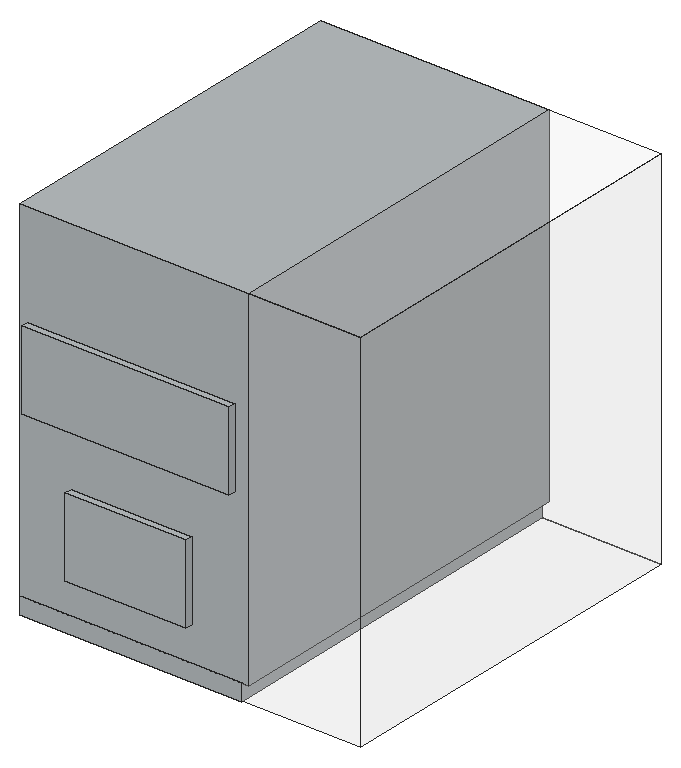
Revit family "lp-500x4-60_60Hz", category 機械設備, Revit 2019
Family settings
  丸型コネクタ寸法 = 直径を使用
  パーツ タイプ = 標準
  OmniClass 番号 = 23.75.10.34.21
  OmniClass タイトル = Heat Exchangers for Ventilation Air
  作業面ベース = いいえ
  常に垂直 = はい
  ロード時にボイドで切り取り = いいえ
  共有 = いいえ
  部屋計算ポイント = はい
Parameters (values of type "LP-500X4-60")
  騒音レベル(dB(A)) = 57.5
  風量 = 5000.0 m³/h
  面風速 = 5.17 m/s
  電源種別 [instance] = ""
  電圧 = 200 V
  電動機出力 = 3.7 W
  集中コントローラ = ""
  運転質量 = 0.00 kg
  連動 [instance] = ""
  質量 = if(製品質量 > 運転質量, 製品質量, 運転質量) * 1.2  # 786.00 kg
  負荷分類 = 3_ファン類
  説明 = "設備用ロスナイ ビル用ロスナイパック形"
  設計風量 = 0.0 m³/h
  設置方法 = "床置形"
  記号 [instance] = ""
  製造元 = "三菱電機株式会社"
  製品質量 = 655.00 kg
  製品出荷対象 = "国内"
  製品リリース年月 = "2018/7/25"
  製品グループ = ""
  系統 [instance] = ""
  符号 = "HEU"
  積算_科目 = "1 空気調和設備"
  積算_拾い区分 [instance] = ""
  相 = 3
  盤記号 [instance] = ""
  発停方法 [instance] = ""
  特殊仕様 [instance] = ""
  火災停止 [instance] = ""
  温度交換効率 = 77.00%
  消費電力 = 5600 W
  法定耐用年数 = "15"
  機外静圧_排気 = 380.0 Pa
  機外静圧 = 380.0 Pa
  極数 = 3
  材質 [instance] = ""
  本体固定用穴ピッチ2 = 565 mm
  本体固定用穴ピッチ1 = 1930 mm
  本体固定用穴_径 = 20 mm
  本体マテリアル = 溶融亜鉛めっき鋼板
  操作・制御方式 = ""
  操作・制御スイッチ = ""
  排気量 = 0.0 m³/h
  形式 = "床置形"
  幹線記号 [instance] = ""
  対象室 [instance] = ""
  実風量 = 0.0 m³/h
  始動方式 [instance] = "直入"
  外気量 = 0.0 m³/h
  呼称 = "全熱交換ユニット"
  周波数 = 60 Hz
  参照している仕様書等のバージョン = "公共建築工事標準仕様書（機械設備工事編）平成31年度版"
  初期抵抗 = 0.0 Pa
  分類コード = "50052504100050"
  分類グループ = ""
  価格 = 6217000
  企業コード = "108420"
  付属品_フィルター_還気 = ""
  付属品_フィルター = ""
  付属品 [instance] = ""
  仕様書バージョン = "Version1.0"
  モデル = "LP-500X4-60"
  メンテナンススペース = yes
  コメント [instance] = ""
  Keynote = ""
  エンタルピ交換効率_暖房 = 66.00%
  エンタルピ交換効率_冷房 = 60.00%
  Assembly Code = ""
  Width = 1218 mm
  W1 = 1180 mm
  Version = ""
  Uniclass2015Version = "Systems v1.9"
  Uniclass2015Title = "Thermal wheels"
  Uniclass2015Code = "Pr_60_60_36_88"
  URL = "https://www.mitsubishielectric.co.jp/ldg/wink/ssl/displayProduct.do?pid=294065"
  SpecificationReference = ""
  SpecificationDescription = ""
  SAサイズ_W = 640 mm
  SAサイズ_D = 420 mm
  Revision = ""
  RAダクト接続_通常 = yes
  RAダクト接続_変更2 = no
  RAダクト接続_変更1 = no
  RAサイズ_W = 1100 mm
  RAサイズ_D = 420 mm
  ProductInformation = ""
  OmniClassCode = "23-27 23 19 11"
  OAダクト接続_通常 = yes
  OAダクト接続_変更2 = no
  OAダクト接続_変更1 = no
  OAサイズ_W = 1100 mm
  OAサイズ_D = 420 mm
  MIN風量 = 0.0 m³/h
  MIN静圧 = 0.0 Pa
  MID風量 = 0.0 m³/h
  MID静圧 = 0.0 Pa
  MAX風量 = 5000.0 m³/h
  MAX静圧 = 380.0 Pa
  IfcTypeProduct = ""
  IfcProduct = ""
  IfcExportType = "ROTARYWHEEL"
  IfcExportAs = "IfcAirToAirHeatRecoveryType"
  Height = 1870 mm
  H1 = 90 mm
  EAサイズ_W = 640 mm
  EAサイズ_D = 420 mm
  Duct_SA_W = 273 mm
  Duct_SA_H = 274 mm
  Duct_RA_W = 43 mm
  Duct_RA_H = 296 mm
  Duct_RA_D = 49 mm
  Duct_Pitch1 = 80 mm
  Duct_OA_W = 43 mm
  Duct_OA_H = 296 mm
  Duct_OA_D = 49 mm
  Duct_Height = 41 mm
  Duct_EA_W = 273 mm
  Duct_EA_H = 274 mm
  Depth = 2000 mm
  D1 = 2000 mm
  Clearance Top = 0 mm
  Clearance Right = 600 mm
  Clearance Left = 0 mm
  Clearance Front = 0 mm
  Clearance Bottom = 0 mm
  Clearance Back = 0 mm
  Author = "三菱電機株式会社"
Reference planes
  plane 1 "中心(正面/背面)": y = 0
  plane 2: z = 0
  plane 3 "中心(左/右)": x = 0
  plane 4: x = 590
  plane 5: x = 628
  plane 6: y = 1000
  plane 7: y = 1000
  plane 8: y = -1000
  plane 9: y = -1000
  plane 10: x = -590
  plane 11: x = -590
  plane 12: y = 741
  plane 13: y = -741
  plane 14: y = -531
  plane 15: y = -951
  plane 16: y = 951
  plane 17: y = 531
  plane 18: x = -547
  plane 19: x = 553
  plane 20: z = 90
  plane 21: z = 1960
  plane 22: z = 2001
  plane 23: y = 565
  plane 24: y = -565
  plane 25: x = -965
  plane 26: x = 965
  plane 27: x = 1228
  plane 28: x = -590
  plane 29: y = 1000
  plane 30: y = -1000
  plane 31: z = 1960
  plane 32: z = 0
  plane 33: x = -317
  plane 34: x = 323
  plane 35: z = 274
  plane 36: z = 694
  plane 37: z = 990
  plane 38: z = 1410
  plane 39: x = -547
  plane 40: x = 553
  plane 41: y = -1041
  plane 42: y = 1041
  plane 43: x = -317
  plane 44: x = 323
  plane 45: z = 274
  plane 46: z = 694
  plane 47: z = 990
  plane 48: z = 1410
  plane 49: z = 1490
  plane 50: z = 1910
  plane 51: z = 1910
  plane 52: z = 1490
Forms (mm)
  Extrusion 1, solid, material "溶融亜鉛めっき鋼板" <- "本体マテリアル", detail levels fine
    sketch origin (0, 0, 0) x (1, 0, 0) y (0, 1, 0)
      loop
        line (-590, 1000) -> (-590, -1000) -> (628, -1000) -> (628, 1000) -> (-590, 1000)
    from 90 to 1960
  Extrusion 2, solid, material "溶融亜鉛めっき鋼板" <- "本体マテリアル", detail levels fine
    sketch origin (0, 0, 0) x (1, 0, 0) y (0, 1, 0)
      loop
        line (-590, 1000) -> (-590, -1000) -> (590, -1000) -> (590, 1000) -> (-590, 1000)
    from 0 to 90
  Extrusion 3, solid, material "溶融亜鉛めっき鋼板" <- "本体マテリアル", visible <- "RAダクト接続_変更1", detail levels fine
    sketch origin (0, 0, 0) x (1, 0, 0) y (0, 1, 0)
      loop
        line (-547, -951) -> (553, -951) -> (553, -531) -> (-547, -531) -> (-547, -951)
    from 1960 to 2001
  Extrusion 4, solid, material "溶融亜鉛めっき鋼板" <- "本体マテリアル", visible <- "OAダクト接続_変更1", detail levels fine
    sketch origin (0, 0, 0) x (1, 0, 0) y (0, 1, 0)
      loop
        line (-547, 951) -> (-547, 531) -> (553, 531) -> (553, 951) -> (-547, 951)
    from 1960 to 2001
  Extrusion 5, solid, material "溶融亜鉛めっき鋼板" <- "本体マテリアル", detail levels fine
    sketch origin (0, 0, 0) x (1, 0, 0) y (0, 0, 1)
      loop
        line (-317, 274) -> (323, 274) -> (323, 694) -> (-317, 694) -> (-317, 274)
    from 1000 to 1041
  Extrusion 6, solid, material "溶融亜鉛めっき鋼板" <- "本体マテリアル", detail levels fine
    sketch origin (0, 0, 0) x (1, 0, 0) y (0, 0, 1)
      loop
        line (323, 694) -> (-317, 694) -> (-317, 274) -> (323, 274) -> (323, 694)
    from -1041 to -1000
  Extrusion 7, solid, material "溶融亜鉛めっき鋼板" <- "本体マテリアル", visible <- "OAダクト接続_通常", detail levels fine
    sketch origin (0, -420, 0) x (1, 0, 0) y (0, 0, 1)
      loop
        line (-547, 990) -> (553, 990) -> (553, 1410) -> (-547, 1410) -> (-547, 990)
    from -1461 to -1420
  Extrusion 8, solid, material "溶融亜鉛めっき鋼板" <- "本体マテリアル", visible <- "RAダクト接続_通常", detail levels fine
    sketch origin (0, 240, 0) x (1, 0, 0) y (0, 0, 1)
      loop
        line (-547, 1410) -> (-547, 990) -> (553, 990) -> (553, 1410) -> (-547, 1410)
    from 1240 to 1281
  Extrusion 9, solid, material "溶融亜鉛めっき鋼板" <- "本体マテリアル", visible <- "OAダクト接続_変更2", detail levels fine
    sketch origin (0, 0, 0) x (1, 0, 0) y (0, 0, 1)
      loop
        line (553, 1490) -> (553, 1910) -> (-547, 1910) -> (-547, 1490) -> (553, 1490)
    from -1041 to -1000
  Extrusion 10, solid, material "溶融亜鉛めっき鋼板" <- "本体マテリアル", visible <- "RAダクト接続_変更2", detail levels fine
    sketch origin (0, 0, 0) x (1, 0, 0) y (0, 0, 1)
      loop
        line (553, 1490) -> (553, 1910) -> (-547, 1910) -> (-547, 1490) -> (553, 1490)
    from 1000 to 1041
Lines and regions (mm)
  Masking region 1, detail levels coarse+medium
    outline origin (1331.5, 88, 0) x (1, 0, 0) y (0, 1, 0)
      loop
        line (-1921.5, 912) -> (-1921.5, -1088) -> (-741.5, -1088) -> (-741.5, 912) -> (-1921.5, 912)
  symbolic lines, detail levels coarse+medium
    curve 1: line (0, 1000, 0) -> (-590, 0, 0)
    curve 2: line (-590, 0, 0) -> (0, -1000, 0)
    curve 3: line (0, -1000, 0) -> (590, 0, 0)
    curve 4: line (0, 1000, 0) -> (590, 0, 0)
Dimensions and locks
  equal spacing: plane 10, plane 3 "中心(左/右)", plane 4
  "W1": plane 10 to plane 4
  "Width": plane 11 to plane 5
  equal spacing: plane 7, plane 1 "中心(正面/背面)", plane 9
  "D1": plane 7 to plane 9
  equal spacing: plane 6, plane 1 "中心(正面/背面)", plane 8
  "Depth": plane 6 to plane 8
  equal spacing: plane 15, plane 13, plane 14
  "RAサイズ_D": plane 15 to plane 14
  equal spacing: plane 17, plane 12, plane 16
  "OAサイズ_D": plane 17 to plane 16
  "RAサイズ_W": plane 18 to plane 19
  locked: plane 11 to plane 10 at 0
  "H1": plane 20 to level
  "Height": plane 21 to plane 20
  "Duct_Height": plane 22 to plane 21
  "本体固定用穴ピッチ2": plane 1 "中心(正面/背面)" to plane 23
  "本体固定用穴ピッチ2": plane 24 to plane 1 "中心(正面/背面)"
  equal spacing: plane 25, plane 3 "中心(左/右)", plane 26
  "本体固定用穴ピッチ1": plane 25 to plane 26
  "Clearance Right": plane 5 to plane 27
  "Clearance Left": plane 28 to plane 11
  "Clearance Back": plane 29 to plane 6
  "Clearance Front": plane 8 to plane 30
  "Clearance Top": plane 31 to plane 21
  "Clearance Bottom": level to plane 32
  "Duct_RA_D": plane 8 to plane 15
  "Duct_OA_D": plane 6 to plane 16
  "Duct_SA_H": plane 35 to level
  "SAサイズ_D": plane 36 to plane 35
  "Duct_RA_H": plane 37 to plane 36
  "RAサイズ_D": plane 38 to plane 37
  "OAサイズ_W": plane 39 to plane 40
  "Duct_OA_W": plane 11 to plane 39
  "Duct_RA_W": plane 11 to plane 18
  "Duct_Height": plane 8 to plane 41
  "SAサイズ_W": plane 34 to plane 33
  "Duct_Height": plane 42 to plane 6
  "Duct_SA_W": plane 33 to plane 11
  "EAサイズ_D": plane 46 to plane 45
  "Duct_EA_H": plane 45 to level
  "Duct_EA_W": plane 43 to plane 11
  "EAサイズ_W": plane 44 to plane 43
  "OAサイズ_D": plane 48 to plane 47
  "Duct_OA_H": plane 47 to plane 46
  "Duct_Pitch1": plane 49 to plane 38
  "RAサイズ_D": plane 50 to plane 49
  "Duct_Pitch1": plane 52 to plane 48
  "OAサイズ_D": plane 51 to plane 52
  aligned and locked: level to plane 2
  aligned and locked: Extrusion 1 sketch curve to plane 6
  aligned and locked: plane 10 to Extrusion 1 sketch curve
  aligned and locked: Extrusion 1 sketch curve to plane 8
  aligned and locked: Extrusion 2 sketch curve to plane 7
  aligned and locked: plane 11 to Extrusion 2 sketch curve
  aligned and locked: Extrusion 2 sketch curve to plane 9
  aligned and locked: plane 15 to Extrusion 3 sketch curve
  aligned and locked: Extrusion 3 sketch curve to plane 18
  aligned and locked: plane 14 to Extrusion 3 sketch curve
  aligned and locked: Extrusion 3 sketch curve to plane 19
  aligned and locked: plane 9 to Masking region 1
  aligned and locked: Masking region 1 to plane 11
  aligned and locked: plane 7 to Masking region 1
  aligned and locked: Masking region 1 to curve 1
  aligned and locked: Masking region 1 to curve 2
  aligned and locked: plane 20 to Extrusion 2
  aligned and locked: plane 21 to Extrusion 1
  aligned and locked: Extrusion 1 to plane 20
  aligned and locked: plane 22 to Extrusion 3
  aligned and locked: Extrusion 3 to plane 21
  aligned and locked: plane 27 to nested 1
  aligned and locked: nested 1 to plane 30
  aligned and locked: nested 1 to plane 29
  aligned and locked: nested 1 to plane 31
  aligned and locked: nested 1 to plane 32
  aligned and locked: plane 9 to curve 2
  aligned and locked: plane 3 "中心(左/右)" to curve 3
  aligned and locked: plane 4 to curve 3
  aligned and locked: plane 3 "中心(左/右)" to curve 4
  aligned and locked: plane 1 "中心(正面/背面)" to curve 4
  aligned and locked: nested 2 to plane 24
  aligned and locked: plane 25 to nested 2
  aligned and locked: nested 2 to plane 26
  aligned and locked: plane 25 to nested 3
  aligned and locked: nested 3 to plane 26
  aligned and locked: plane 1 "中心(正面/背面)" to nested 3
  aligned and locked: plane 25 to nested 4
  aligned and locked: nested 4 to plane 26
  aligned and locked: nested 4 to plane 23
  aligned and locked: nested 1 to plane 28
  aligned and locked: Masking region 1 to plane 4
  aligned and locked: plane 4 to Extrusion 2 sketch curve
  aligned and locked: plane 5 to Extrusion 1 sketch curve
  aligned and locked: Extrusion 4 sketch curve to plane 16
  aligned and locked: plane 18 to Extrusion 4 sketch curve
  aligned and locked: Extrusion 4 sketch curve to plane 17
  aligned and locked: plane 22 to Extrusion 4
  aligned and locked: Extrusion 4 to plane 21
  aligned and locked: Extrusion 5 sketch curve to plane 35
  aligned and locked: Extrusion 5 sketch curve to plane 33
  aligned and locked: plane 36 to Extrusion 5 sketch curve
  aligned and locked: Extrusion 5 sketch curve to plane 34
  aligned and locked: Extrusion 5 to plane 41
  aligned and locked: Extrusion 5 to plane 8
  aligned and locked: Extrusion 6 to plane 42
  aligned and locked: Extrusion 6 to plane 6
  aligned and locked: Extrusion 7 to plane 42
  aligned and locked: Extrusion 7 to plane 6
  aligned and locked: Extrusion 8 sketch curve to plane 38
  aligned and locked: plane 18 to Extrusion 8 sketch curve
  aligned and locked: Extrusion 8 sketch curve to plane 37
  aligned and locked: plane 19 to Extrusion 8 sketch curve
  aligned and locked: Extrusion 8 to plane 41
  aligned and locked: Extrusion 8 to plane 8
  aligned and locked: plane 46 to Extrusion 6 sketch curve
  aligned and locked: plane 44 to Extrusion 6 sketch curve
  aligned and locked: Extrusion 6 sketch curve to plane 45
  aligned and locked: Extrusion 6 sketch curve to plane 43
  aligned and locked: Extrusion 7 sketch curve to plane 47
  aligned and locked: Extrusion 7 sketch curve to plane 18
  aligned and locked: plane 48 to Extrusion 7 sketch curve
  aligned and locked: plane 40 to Extrusion 4 sketch curve
  aligned and locked: Extrusion 7 sketch curve to plane 40
  aligned and locked: plane 52 to Extrusion 9 sketch curve
  aligned and locked: plane 40 to Extrusion 9 sketch curve
  aligned and locked: Extrusion 9 sketch curve to plane 51
  aligned and locked: Extrusion 9 to plane 42
  aligned and locked: Extrusion 9 to plane 6
  aligned and locked: Extrusion 10 sketch curve to plane 49
  aligned and locked: plane 19 to Extrusion 10 sketch curve
  aligned and locked: Extrusion 10 sketch curve to plane 50
  aligned and locked: plane 18 to Extrusion 10 sketch curve
  aligned and locked: plane 39 to Extrusion 9 sketch curve
  aligned and locked: Extrusion 10 to plane 41
  aligned and locked: Extrusion 10 to plane 8
Automatic sketch dimensions
  plane 1 "中心(正面/背面)" to curve 1 = 0 mm
  curve 1 to plane 10 = 0 mm
  curve 4 to plane 7 = 0 mm
  plane 9 to Masking region 1 sketch curve = 0 mm
  Masking region 1 sketch curve to plane 10 = 0 mm
  Masking region 1 sketch curve to plane 4 = 0 mm
  Masking region 1 sketch curve to plane 7 = 0 mm
Nested families
  nested 1: "メンテナンススペース" at (319, 0, 980), visible <- "メンテナンススペース", type "メンテナンススペース"
    with Width 1818 mm, Height 1960 mm, Depth 2000 mm
  nested 2: "固定点" at (-965, -565, 0), type "固定点"
    with W 1930 mm, D 1000 mm
  nested 3: "固定点" at (-965, 0, 0), type "固定点"
    with W 1930 mm, D 1000 mm
  nested 4: "固定点" at (-965, 565, 0), type "固定点"
    with W 1930 mm, D 1000 mm
Connectors
  electrical at (628, 0, 1025), driven by "極数", driven by "負荷分類", driven by "電圧", driven by "消費電力"
    settings: on Extrusion 1, index 5, voltage 200 V, apparent load 5600 VA, apparent load phase1 0 VA, apparent load phase2 0 VA, apparent load phase3 0 VA, power factor 1, load classification "3_ファン類", number of poles 3, system type 30, power factor state 1, is connector primary yes, connector utility no, sub classification motor no, connector description ""
  hvac at (3, -1041, 484), driven by "SAサイズ_D", driven by "SAサイズ_W", driven by "機外静圧", driven by "風量"
    settings: on Extrusion 5, index 6, duct flow 5000.0 m³/h, flow factor 0, pres drop 380.0 Pa, loss coef 0, conn angle 0.00°, conn width 640 mm, conn height 420 mm, conn diameter 609.6 mm, duct sys type 1, conn prof type 1, flow config 0, flow direction 2, loss method 4, conn ref index -1, conn util no, is conn primary yes, conn desc ""
  hvac at (3, -1041, 1200), driven by "RAサイズ_D", driven by "RAサイズ_W", driven by "機外静圧", driven by "風量"
    settings: on Extrusion 8, index 8, duct flow 5000.0 m³/h, flow factor 0, pres drop 380.0 Pa, loss coef 0, conn angle 0.00°, conn width 1100 mm, conn height 420 mm, conn diameter 609.6 mm, duct sys type 2, conn prof type 1, flow config 0, flow direction 1, loss method 4, conn ref index -1, conn util no, is conn primary no, conn desc ""
  hvac at (3, -741, 2001), driven by "RAサイズ_D", driven by "RAサイズ_W"
    settings: on Extrusion 3, index 9, duct flow 0.0 m³/h, flow factor 0, pres drop 0.0 Pa, loss coef 0, conn angle 0.00°, conn width 1100 mm, conn height 420 mm, conn diameter 609.6 mm, duct sys type 2, conn prof type 1, flow config 0, flow direction 1, loss method 4, conn ref index -1, conn util no, is conn primary no, conn desc ""
  hvac at (3, 741, 2001), driven by "OAサイズ_D", driven by "OAサイズ_W", driven by "機外静圧", driven by "風量"
    settings: on Extrusion 4, index 10, duct flow 5000.0 m³/h, flow factor 0, pres drop 380.0 Pa, loss coef 0, conn angle 0.00°, conn width 1100 mm, conn height 420 mm, conn diameter 609.6 mm, duct sys type 4, conn prof type 1, flow config 0, flow direction 1, loss method 4, conn ref index -1, conn util no, is conn primary no, conn desc ""
  hvac at (3, 1041, 1200), driven by "OAサイズ_D", driven by "OAサイズ_W", driven by "機外静圧", driven by "風量"
    settings: on Extrusion 7, index 11, duct flow 5000.0 m³/h, flow factor 0, pres drop 380.0 Pa, loss coef 0, conn angle 0.00°, conn width 1100 mm, conn height 420 mm, conn diameter 609.6 mm, duct sys type 4, conn prof type 1, flow config 0, flow direction 1, loss method 4, conn ref index -1, conn util no, is conn primary no, conn desc ""
  hvac at (3, 1041, 484), driven by "EAサイズ_D", driven by "EAサイズ_W", driven by "機外静圧_排気", driven by "排気量"
    settings: on Extrusion 6, index 12, duct flow 0.0 m³/h, flow factor 0, pres drop 380.0 Pa, loss coef 0, conn angle 0.00°, conn width 640 mm, conn height 420 mm, conn diameter 609.6 mm, duct sys type 3, conn prof type 1, flow config 0, flow direction 2, loss method 4, conn ref index -1, conn util no, is conn primary no, conn desc ""
  hvac at (3, -1041, 1700), driven by "RAサイズ_D", driven by "RAサイズ_W", driven by "機外静圧", driven by "風量"
    settings: on Extrusion 10, index 13, duct flow 5000.0 m³/h, flow factor 0, pres drop 380.0 Pa, loss coef 0, conn angle 0.00°, conn width 1100 mm, conn height 420 mm, conn diameter 609.6 mm, duct sys type 2, conn prof type 1, flow config 0, flow direction 1, loss method 4, conn ref index -1, conn util no, is conn primary no, conn desc ""
  hvac at (3, 1041, 1700), driven by "OAサイズ_D", driven by "OAサイズ_W", driven by "機外静圧", driven by "風量"
    settings: on Extrusion 9, index 14, duct flow 5000.0 m³/h, flow factor 0, pres drop 380.0 Pa, loss coef 0, conn angle 0.00°, conn width 1100 mm, conn height 420 mm, conn diameter 609.6 mm, duct sys type 4, conn prof type 1, flow config 0, flow direction 1, loss method 4, conn ref index -1, conn util no, is conn primary no, conn desc ""
Definition of nested family "メンテナンススペース"
  Parameters (values of type "メンテナンススペース")
    Width [instance] = 500 mm
    Height [instance] = 500 mm
    Depth [instance] = 500 mm
  Reference planes
    plane 1 "中心(正面/背面)": y = 0
    plane 2: z = 0
    plane 3 "中心(左/右)": x = 0
    plane 4: y = -250
    plane 5: x = 250
    plane 6: y = 250
    plane 7: x = -250
    plane 8: z = 250
    plane 9: z = -250
  Forms (mm)
    Extrusion 1, solid
      sketch origin (-638.939, 0, 72.39) x (1, 0, 0) y (0, 1, 0)
        loop
          line (388.939, 250) -> (388.939, -250) -> (888.939, -250) -> (888.939, 250) -> (388.939, 250)
      from -322.39 to 177.61
  Lines and regions (mm)
    symbolic lines
      curve 1: line (-250, 0, 250) -> (250, 0, 250)
      curve 2: line (-250, 0, -250) -> (-250, 0, 250)
      curve 3: line (250, 0, -250) -> (-250, 0, -250)
      curve 4: line (250, 0, 250) -> (250, 0, -250)
      curve 5: line (0, -250, 250) -> (0, 250, 250)
      curve 6: line (0, -250, -250) -> (0, -250, 250)
      curve 7: line (0, 250, -250) -> (0, -250, -250)
      curve 8: line (0, 250, 250) -> (0, 250, -250)
      curve 9: line (-250, 250, 0) -> (250, 250, 0)
      curve 10: line (-250, -250, 0) -> (-250, 250, 0)
      curve 11: line (250, -250, 0) -> (-250, -250, 0)
      curve 12: line (250, 250, 0) -> (250, -250, 0)
  Dimensions and locks
    equal spacing: plane 7, plane 3 "中心(左/右)", plane 5
    equal spacing: plane 4, plane 1 "中心(正面/背面)", plane 6
    "Depth": plane 4 to plane 6
    "Width": plane 7 to plane 5
    equal spacing: plane 8, plane 2, plane 9
    "Height": plane 8 to plane 9
    aligned and locked: plane 9 to curve 3
    aligned and locked: plane 7 to curve 2
    aligned and locked: curve 4 to plane 5
    aligned and locked: plane 5 to Extrusion 1
    aligned and locked: Extrusion 1 to plane 7
    aligned and locked: Extrusion 1 to plane 9
    aligned and locked: plane 8 to Extrusion 1
    aligned and locked: plane 9 to curve 7
  Automatic sketch dimensions
    plane 4 to Extrusion 1 sketch curve = 0 mm
    Extrusion 1 sketch curve to plane 7 = 0 mm
    Extrusion 1 sketch curve to plane 5 = 0 mm
    plane 6 to Extrusion 1 sketch curve = 0 mm
    curve 2 to plane 8 = 0 mm
    plane 4 to curve 11 = 0 mm
    curve 11 to plane 7 = 0 mm
    curve 11 to plane 5 = 0 mm
    plane 6 to curve 10 = 0 mm
    curve 7 to plane 4 = 0 mm
    curve 7 to plane 6 = 0 mm
    curve 6 to plane 8 = 0 mm
Definition of nested family "固定点"
  Parameters (values of type "固定点")
    中心円 = 20 mm
    W [instance] = 1000 mm
    D [instance] = 1000 mm
  Reference planes
    plane 1 "中心(正面/背面)": y = 0
    plane 2: z = 0
    plane 3 "中心(左/右)": x = 0
    plane 4: x = 1000
  Lines and regions (mm)
    symbolic lines, detail levels fine
      curve 1: circle (0, 0, 0) r 10 normal (0, 0, 1)
      curve 2: circle (1000, 0, 0) r 10 normal (0, 0, 1)
      curve 3: line (-200, 0, 0) -> (1200, 0, 0)
      curve 4: line (0, 200, 0) -> (0, -200, 0)
      curve 5: line (1000, 200, 0) -> (1000, -200, 0)
  Dimensions and locks
    "W": plane 3 "中心(左/右)" to plane 4
    "中心円": diameter of curve 1
    "中心円": diameter of curve 2
    aligned and locked: level to plane 2
    aligned and locked: plane 3 "中心(左/右)" to curve 1
    aligned and locked: plane 1 "中心(正面/背面)" to curve 1
    aligned and locked: plane 1 "中心(正面/背面)" to curve 2
    aligned and locked: plane 4 to curve 2
    aligned and locked: plane 1 "中心(正面/背面)" to curve 3
    aligned and locked: curve 4 to plane 3 "中心(左/右)"
    aligned and locked: curve 5 to plane 4
  Automatic sketch dimensions
    curve 3 to plane 3 "中心(左/右)" = 200 mm
    curve 2 to curve 3 = 200 mm
    plane 1 "中心(正面/背面)" to curve 4 = 200 mm
    plane 1 "中心(正面/背面)" to curve 5 = 200 mm
    curve 5 to plane 1 "中心(正面/背面)" = 200 mm
    curve 4 to plane 1 "中心(正面/背面)" = 200 mm
